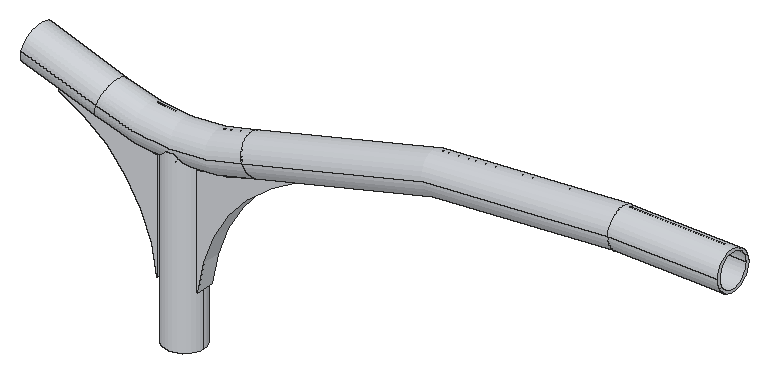
Revit family "Lighting-Stradale-GEWISS-STREET[O3]-STAFFA_PALO_SINGOLA", category Apparecchi per illuminazione, Revit 2019
Family settings
  Quota connettore circolare = Usa diametro
  Tipo di parte = Normale
  Numero OmniClass = 23.80.00.00
  Titolo OmniClass = Electric Power and Lighting
  Basato su piano di lavoro = Sì
  Sempre verticale = No
  Taglio con vuoti quando caricato = No
  Sorgente d'illuminazione = No
  Condiviso = No
  Punto di calcolo locali = No
Parameters (values of type "GW87581 - Acciaio zincato - Grigio grafite - Singola")
  Versione file RFA = "20.11"
  URL = "https://www.gewiss.com/it/it"
  Tubolare = none
  Supporti = none
  Scheda Tecnica = "https://www.gewiss.com/it/it/search?q=GW87581"
  SIMBOLO [instance] = yes
  SEO = "Staffa"
  Default Elevation = 1219.2 mm
  Produttore = "GEWISS S.p.A."
  Peso (kg): = "8"
  Peso (kg) = "8"
  Modello = "GW87581"
  Materiale = "Acciaio zincato"
  Lunghezza = "1 m"
  L_staffa = 120 mm
  Immagine tipo = GW87581.jpg
  IFC.TypeObject = ""
  IFC.ExportType = ""
  IFC.ExportAs = ""
  IDT = "92612c42-9c0e-491e-a234-09077f2a4f14"
  IDF = "367a5eb1-5058-4792-ab4c-1f96e1bbd982"
  Dimensioni (mm) = "Ø 60 mm"
  Dimensioni = "Ø 60 mm"
  Descrizione: = "Staffa testa palo singola"
  Descrizione = "STREET STAFFA TESTA PALO SINGOLA GRIGIO GRAFITE"
  Creato da GEWISS S.p.A. = ""
  Colore = "Grigio grafite"
  Codice Electrocod = "240"
  Codice EAN = "8011564783034"
  Catalogo Serie = "STREET [O3]"
  Catalogo = "LIGHTING"
  COBie.Tagnumber = ""
  COBie.CreatedOn = ""
  COBie.CreatebBy = ""
  COBie.ComponentRegisterItemID = ""
  COBie.Component.TagNumber = ""
  COBie.Component.Space = ""
  COBie.Component.SerialNumber = ""
  COBie.Component.InstallationDate = ""
  COBie.Component.Description = ""
  COBie.Component.BarCode = ""
  BIDIMENSIONALE [instance] = not(SIMBOLO)  # no
  Altezza da terra testa staffa = 821.938 mm
Reference planes
  plane 1 "Centro (Fronte/Retro)": y = 0
  plane 2: z = 0
  plane 3 "Centro (Sinistra/Destra)": x = 0
Forms (mm)
  Sweep 1, solid, material <- "Tubolare"
    path origin (0, 0, -775.338) x (1, 0, 0) y (0, 0, 1)
      loop
        line (1000, 1242.308) -> (800, 1242.308)
        arc (800, 1242.308) -> (461.796, 1213.505) -> (133.333, 1127.926) r 2000
        arc (133.333, 1127.926) -> (0, 1105.049) -> (-133.333, 1127.926) r 400
        arc (-133.333, 1127.926) -> (-201.283, 1150.589) -> (-270, 1170.805) r 2000
    profile origin (-201.283, 0, 375.251) x (-0.299359, 0, -0.954141) y (0, -1, 0)
      loop
        circle (0, 0) r 35
      loop
        circle (0, 0) r 31
  Sweep 2, solid, material <- "Tubolare"
    path origin (0, 0, -775.338) x (1, 0, 0) y (0, 0, 1)
      loop
        line (0, 1099.248) -> (0, 775.338)
    profile origin (0, 0, 161.955) x (0, -1, 0) y (1, 0, 0)
      loop
        circle (0, 0) r 35
      loop
        circle (0, 0) r 31
  Extrusion 3, solid, material <- "Supporti"
    sketch origin (0, 0, -775.338) x (1, 0, 0) y (0, 0, 1)
      loop
        arc (-143.667, 1098.699) -> (-178.509, 1110.652) -> (-213.569, 1121.951) r 1969
        line (-213.569, 1121.951) -> (-215.96, 1116.424)
        arc (-215.96, 1116.424) -> (-94.15, 1019.88) -> (-37, 875.338) r 300
        line (-37, 875.338) -> (-35, 875.338) -> (-35, 1075.473)
        arc (-35, 1075.473) -> (-90.085, 1083.569) -> (-143.667, 1098.699) r 431
      loop
        line (35, 1075.473) -> (35, 875.338) -> (37, 875.338)
        arc (37, 875.338) -> (94.15, 1019.88) -> (215.96, 1116.424) r 300
        line (215.96, 1116.424) -> (213.569, 1121.951)
        arc (213.569, 1121.951) -> (178.509, 1110.652) -> (143.667, 1098.699) r 1969
        arc (143.667, 1098.699) -> (90.085, 1083.569) -> (35, 1075.473) r 431
    from -16.126 to 16.209
Lines and regions (mm)
  Masking region 1
    outline origin (0, 0, -775.338) x (1, 0, 0) y (0, 0, 1)
      loop
        line (-35, 775.338) -> (35, 775.338) -> (35, 841.068)
        arc (35, 841.068) -> (84.314, 1005.806) -> (215.96, 1116.424) r 300
        arc (215.96, 1116.424) -> (489.277, 1184.436) -> (770, 1207.308) r 1734.187
        line (770, 1207.308) -> (1000, 1207.308) -> (1000, 1277.308) -> (769.834, 1277.308)
        arc (769.834, 1277.308) -> (447.097, 1246.76) -> (133.376, 1165.083) r 2024.176
        arc (133.376, 1165.083) -> (0.876, 1139.56) -> (-131.624, 1165.083) r 356.684
        line (-131.624, 1165.083) -> (-260.725, 1204.553) -> (-279.275, 1137.056) -> (-228.751, 1121.609)
        arc (-228.751, 1121.609) -> (-88.17, 1011.53) -> (-35.036, 841.068) r 300
        line (-35.036, 841.068) -> (-35, 775.338)
  Masking region 2
    outline origin (0, -0.002, -775.338) x (0, 1, 0) y (0, 0, 1)
      loop
        arc (35, 1242.308) -> (0, 1277.308) -> (-35, 1242.308) r 35
        line (-35, 1242.308) -> (-35, 775.338) -> (35, 775.338) -> (35, 1242.308)
  Masking region 3
    outline origin (0, -0.002, -775.338) x (0, 1, 0) y (0, 0, 1)
      loop
        line (-16.209, 1121.951) -> (-16.209, 875.338) -> (16.126, 875.338) -> (16.126, 1121.951) -> (-16.209, 1121.951)
  Masking region 4, visible <- "BIDIMENSIONALE"
    outline origin (0, 0, 0) x (1, 0, 0) y (0, 1, 0)
      loop
        spline (-270, 35) -> (-272.401, 33.807) -> (-274.637, 30.311) -> (-276.558, 24.749) -> (-278.032, 17.5) -> (-278.959, 9.059) -> (-279.275, 0) -> (-278.959, -9.059) -> (-278.032, -17.5) -> (-276.558, -24.749) -> (-274.637, -30.311) -> (-272.401, -33.807) -> (-270, -35)
        line (-270, -35) -> (1000, -35) -> (1000, 35) -> (-270, 35)
Dimensions and locks
  aligned and locked: level to plane 2
  aligned and locked: plane 3 "Centro (Sinistra/Destra)" to nested 1
  aligned and locked: plane 1 "Centro (Fronte/Retro)" to nested 1
  aligned and locked: Sweep 2 to level
  aligned and locked: level to Sweep 2
Nested families
  nested 1: "ACCPALO" at (0, 0, 0), visible <- "SIMBOLO", type "ACCPALO"
Definition of nested family "ACCPALO"
  Reference planes
    plane 1 "Centro (Fronte/Retro)": y = 0
    plane 2: z = 0
    plane 3 "Centro (Sinistra/Destra)": x = 0
  Lines and regions (mm)
    detail lines, in view "Livello rif."
      curve 1: spline (-17.247, 26.335, 0) -> (-16.659, 25.345, 0) -> (-14.936, 24.424, 0) -> (-12.195, 23.632, 0) -> (-8.623, 23.025, 0) -> (-4.464, 22.643, 0) -> (0, 22.513, 0) -> (4.464, 22.643, 0) -> (8.623, 23.025, 0) -> (12.195, 23.632, 0) -> (14.936, 24.424, 0) -> (16.659, 25.345, 0) -> (17.247, 26.335, 0) -> (16.659, 27.324, 0) -> (14.936, 28.245, 0) -> (12.195, 29.037, 0) -> (8.623, 29.644, 0) -> (4.464, 30.026, 0) -> (0, 30.156, 0) -> (-4.464, 30.026, 0) -> (-8.623, 29.644, 0) -> (-12.195, 29.037, 0) -> (-14.936, 28.245, 0) -> (-16.659, 27.324, 0) -> (-17.247, 26.335, 0)
      curve 2: spline (-17.266, -26.469, 0) -> (-14.61, -27.838, 0) -> (-11.877, -28.965, 0) -> (-9.078, -29.846, 0) -> (-6.224, -30.478, 0) -> (-3.325, -30.859, 0) -> (-0.393, -30.986, 0) -> (2.562, -30.86, 0) -> (5.527, -30.481, 0) -> (8.491, -29.85, 0) -> (11.443, -28.969, 0) -> (14.372, -27.843, 0) -> (17.266, -26.475, 0)
      curve 3: line (-85.401, -52.093, 0) -> (85.401, -52.093, 0)
      curve 4: line (85.401, -52.093, 0) -> (85.401, 52.093, 0)
      curve 5: line (85.401, 52.093, 0) -> (-85.401, 52.093, 0)
      curve 6: line (-85.401, 52.093, 0) -> (-85.401, -52.093, 0)
      curve 7: line (-17.266, -26.469, 0) -> (-17.266, 26.335, 0)
      curve 8: line (17.266, -26.475, 0) -> (17.266, 26.335, 0)
